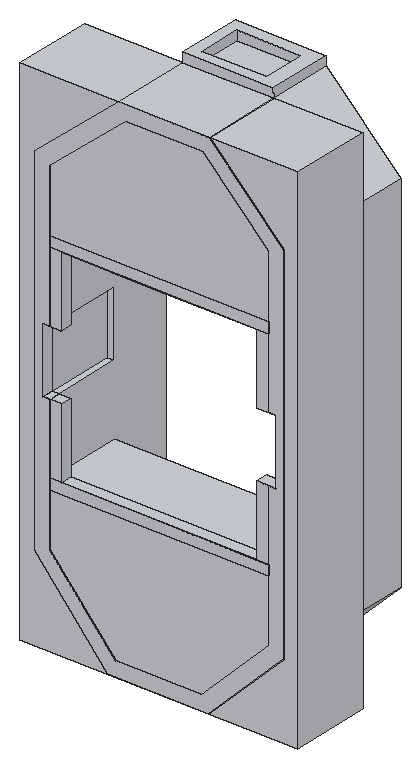
Revit family
Parameters
  Material ID = "760157701"
  Description = "CLIP, FLAT ITALIAN FACEPLATE"
Reference planes (in)
  plane 1 "Center (Front/Back)": y = 0
  plane 2: z = 0
  plane 3 "Center (Left/Right)": x = 0
Forms (in)
  Extrusion 1, solid, not visible
    sketch origin (0, -14.305, 0) x (1, 0, 0) y (0, 0, 1)
      loop
        line (-8.5516, 0.86) -> (-8.5516, 0.46) -> (-7.9516, 0.46) -> (-7.9516, 0.86) -> (-8.5516, 0.86)
    from 0 to 0.77696
  Extrusion 2, solid
    sketch origin (0, 0, 0) x (1, 0, 0) y (0, 0, 1)
      loop
        line (0, 0.8595) -> (-0.463, 0.8595) -> (-0.463, -0.8595) -> (0.463, -0.8595) -> (0.463, 0.8595) -> (0, 0.8595)
    from 0 to 0.267
  Extrusion 3, void
    sketch origin (0, 0, 0) x (1, 0, 0) y (0, 0, 1)
      loop
        line (0.416, -0.8125) -> (0.416, 0.8125) -> (-0.416, 0.8125) -> (-0.416, -0.8125) -> (0.416, -0.8125)
    from -0.47848 to 0.22719
  Extrusion 4, solid
    sketch origin (0, 0, 0) x (1, 0, 0) y (0, 0, 1)
      loop
        line (0.16755, 0.8595) -> (-0.13386, 0.8595) -> (-0.416, 0.61424) -> (-0.416, -0.57634) -> (-0.16985, -0.8595) -> (0.166, -0.8595) -> (0.416, -0.6095) -> (0.416, 0.61105) -> (0.16755, 0.8595)
      loop
        line (0.366, 0.59034) -> (0.14384, 0.8125) -> (-0.11171, 0.8125) -> (-0.366, 0.59145) -> (-0.366, -0.55765) -> (-0.14446, -0.8125) -> (0.14229, -0.8125) -> (0.366, -0.58879) -> (0.366, 0.59034)
    from -0.21711 to 0.267
  Extrusion 5, void
    sketch origin (0, 0, 0) x (1, 0, 0) y (0, 0, 1)
      loop
        line (0, 0.3445) -> (-0.3255, 0.3445) -> (-0.3255, -0.3445) -> (0.3255, -0.3445) -> (0.3255, 0.3445) -> (0, 0.3445)
    from 0 to 12
  Extrusion 6, void
    sketch origin (0, 0, 0) x (1, 0, 0) y (0, 0, 1)
      loop
        line (-0.3255, 0.1095) -> (-0.3895, 0.1095) -> (-0.3895, -0.1095) -> (-0.3255, -0.1095) -> (-0.3255, 0.1095)
      loop
        line (0.3255, 0.1095) -> (0.3255, -0.1095) -> (0.3895, -0.1095) -> (0.3895, 0.1095) -> (0.3255, 0.1095)
    from 0 to 12
  Extrusion 7, solid
    sketch origin (0, 0, 0) x (1, 0, 0) y (0, 0, 1)
      loop
        line (-0.366, 0.37799) -> (-0.366, 0.3445) -> (0.366, 0.3445) -> (0.366, 0.37799) -> (-0.366, 0.37799)
      loop
        line (-0.366, -0.37799) -> (0.366, -0.37799) -> (0.366, -0.3445) -> (-0.366, -0.3445) -> (-0.366, -0.37799)
    from 0 to 0.267
  Extrusion 8, solid
    sketch origin (0, 0, 0) x (1, 0, 0) y (0, 1, 0)
      loop
        line (0.166, 0.21711) -> (-0.13386, 0.21711) -> (-0.13386, 0) -> (0.166, 0) -> (0.166, 0.21711)
    from 0.8595 to 0.89085
  Extrusion 9, solid
    sketch origin (0, 0, 0) x (1, 0, 0) y (0, 1, 0)
      loop
        line (0.14229, 0.21711) -> (-0.16985, 0.21711) -> (-0.16985, 0) -> (0.14229, 0) -> (0.14229, 0.21711)
    from -0.88635 to -0.8595
  Extrusion 10, void
    sketch origin (0, 0, 0) x (1, 0, 0) y (0, 1, 0)
      loop
        line (0.11888, 0.17993) -> (-0.09816, 0.17993) -> (-0.09816, 0.03315) -> (0.11888, 0.03315) -> (0.11888, 0.17993)
    from 0.8595 to 1.27359
  Extrusion 11, void
    sketch origin (0, 0, 0) x (1, 0, 0) y (0, 1, 0)
      loop
        line (0.11888, 0.17993) -> (-0.09816, 0.17993) -> (-0.09816, 0.03315) -> (0.11888, 0.03315) -> (0.11888, 0.17993)
    from -6.71683 to -0.8595
Cuts and joins
  Extrusion 3, Extrusion 5, Extrusion 6 cuts Extrusion 2
  Extrusion 5, Extrusion 6, Extrusion 10, Extrusion 11 cuts Extrusion 4
  Extrusion 10, Extrusion 11 cuts Extrusion 8
  Extrusion 11 cuts Extrusion 9
  joined: Extrusion 4, Extrusion 8, Extrusion 9
